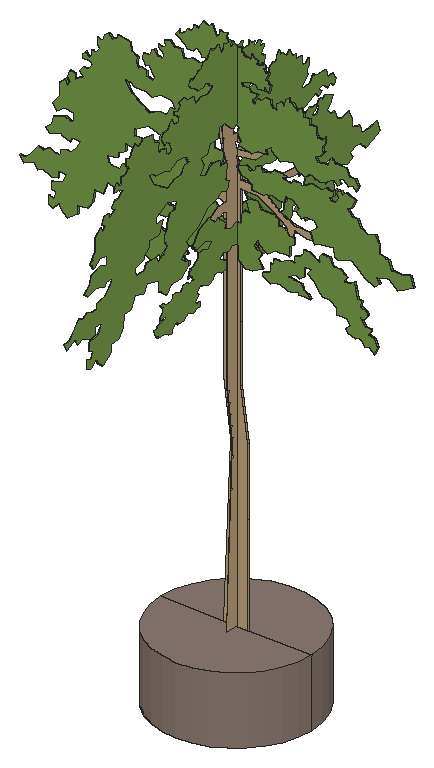
Revit family "L-PL특수목_소나무_2", category 수목, Revit 2019
Family settings
  OmniClass 번호 = 23.40.05.00
  OmniClass 제목 = Plants and Planting Products
  작업 기준면 기반 = 아니오
  항상 수직 = 예
  로드될 때 보이드를 사용하여 절단 = 아니오
  렌더 모양 소스 = 패밀리 형상
  공유 = 아니오
Parameters (values of type "소나무_특수목_2")
  한국산업규격KS = ""
  콘 높이 = 뿌리분 직경 / 4  # 272.5 mm
  조달청표준공사코드-세부공종 = "10161599202809"
  뿌리분 직경 = (24 mm + ((R / 10) - 3 mm) * 5) * 10  # 1090 mm
  뿌리분 높이 = 뿌리분 직경 / 2  # 545 mm
  높이 = 5000 mm
  건설정보분류체계-부위분류 = "E985"
  R = 200 mm
  LIM_INFO_주의사항 = "재배포, 재가공, 판매 금지"
  LIM_INFO_제작일 = "20211210"
  LIM_INFO_버전 = "2022_V01"
  LIM_INFO_PL_학명 = "Quercus myrsinaefolia Bl."
  LIM_INFO_PL_품명 = "가시나무"
  LIM_INFO_PL_주당인정수량 = 0
  LIM_INFO_PL_수목단위 = "주"
  LIM_INFO_PL_규격 = "5.0H X 18R"
  LIM_INFO_PL_구분 = "상록교목"
  LIM_INFO_PL_가격 = 0
  LIM_INFO_PL_Qty [instance] = 0
  LIM_INFO_PL_M2당수량 = 0
  KBIMS_식별-버전 = ""
  KBIMS_식별-bSK등록번호 = ""
  KBIMS_보급정보-저작자 = "림인포테크_MMJ"
  KBIMS_보급정보-보급코드 = ""
  H = 높이  # 5000 mm
Reference planes
  plane 1 "중심(앞/뒤)": y = 0
  plane 2: z = 0
  plane 3 "중심(왼쪽/오른쪽)": x = 0
  plane 4: x = 482.5
  plane 5: x = -607.5
  plane 6: z = -545
  plane 7: z = -817.5
  plane 8: z = 5000
  plane 9: x = -100
  plane 10: x = 100
Forms (mm)
  Revolve 1, solid, material "흙"
    sketch origin (0, 0, 0) x (1, 0, 0) y (0, 0, 1)
      loop
        line (0, 0) -> (-607.5, 0) -> (-607.5, -545) -> (0, -545) -> (0, 0)
      axis (0, 0) -> (0, -545)
    angle from 0 to 360
  Revolve 2, solid, material "흙"
    sketch origin (0, 0, 0) x (1, 0, 0) y (0, 0, 1)
      loop
        line (0, -545) -> (-607.5, -545) -> (0, -817.5) -> (0, -545)
      axis (0, -545) -> (0, -817.5)
    angle from 0 to 360
Dimensions and locks
  "뿌리분 직경": plane 4 to plane 5
  "뿌리분 높이": plane 6 to level
  "콘 높이": plane 7 to plane 6
  "H": level to plane 8
  "R": plane 9 to plane 10
  aligned and locked: level to plane 2
Automatic sketch dimensions
  Revolve 1 sketch curve to level = 0 mm  (x2)
  Revolve 1 sketch curve to plane 5 = 0 mm
  Revolve 1 sketch curve to plane 3 "중심(왼쪽/오른쪽)" = 0 mm  (x2)
  Revolve 1 sketch curve to plane 6 = 0 mm  (x2)
  Revolve 2 sketch curve to plane 5 = 0 mm
  Revolve 2 sketch curve to plane 3 "중심(왼쪽/오른쪽)" = 0 mm  (x2)
  Revolve 2 sketch curve to plane 7 = 0 mm  (x2)
  Revolve 2 sketch curve to plane 6 = 0 mm  (x2)
Nested families
  nested 1: "소나무2_base" at (0, 0, 0), type "소나무2_base"
Definition of nested family "소나무2_base"
  Parameters (values of type "소나무2_base")
    Height = 6000 mm
  Reference planes
    plane 1 "중심(앞/뒤)": y = 0
    plane 2: z = 0
    plane 3 "중심(왼쪽/오른쪽)": x = 0
  Forms (mm)
    Extrusion 1, solid
      sketch origin (1494.374, 0, -287.318) x (1, 0, 0) y (0, 0, 1)
        loop
          line (-1586.869, 3026.538) -> (-1586.869, 2063.157) -> (-1536.565, 1628.95) -> (-1594.374, 287.318) -> (-1394.374, 287.318) -> (-1394.374, 1091.736) -> (-1394.374, 1635.286) -> (-1451.643, 2038.542) -> (-1451.643, 2501.02) -> (-1451.643, 2923.202) -> (-1474.882, 2938.836) -> (-1474.882, 2996.668) -> (-1474.882, 3034.8) -> (-1541.665, 3049.416) -> (-1573.465, 3026.538) -> (-1586.869, 3026.538)
        loop
          line (-1453.269, 3256.498) -> (-1453.269, 3455.447) -> (-1316.479, 3455.447) -> (-1190.433, 3382.454) -> (-1080.858, 3313.755) -> (-1069.515, 3262.75) -> (-1061.77, 3254.339) -> (-1028.647, 3254.339) -> (-1019.267, 3302.305) -> (-919.002, 3282.268) -> (-872.197, 3282.268) -> (-891.688, 3331.553) -> (-1015.686, 3344.527) -> (-1133.138, 3392.473) -> (-1247.215, 3484.058) -> (-1249.703, 3483.242) -> (-1267.502, 3470.245) -> (-1364.028, 3479.822) -> (-1364.028, 3517.444) -> (-1369.191, 3521.468) -> (-1453.271, 3521.468) -> (-1453.271, 3554.056) -> (-1455.076, 3554.382) -> (-1482.459, 3607.053) -> (-1470.891, 3611.859) -> (-1484.044, 3681.331) -> (-1335.99, 3708.101) -> (-1258.823, 3772.139) -> (-1314.9, 3772.139) -> (-1363.81, 3739.187) -> (-1385.829, 3745.068) -> (-1499.547, 3724.079) -> (-1514.88, 3785.633) -> (-1460.937, 3785.633) -> (-1453.853, 3798.462) -> (-1478.218, 3831.276) -> (-1478.218, 3844.871) -> (-1534.231, 3844.871) -> (-1534.231, 3891.904) -> (-1565.082, 3911.721) -> (-1613.811, 3958.295) -> (-1639.979, 3958.295) -> (-1622.626, 3775.264) -> (-1598.299, 3674.834) -> (-1590.506, 3674.834) -> (-1590.506, 3629.229) -> (-1593.622, 3620.031) -> (-1593.622, 3549.778) -> (-1560.787, 3532.718) -> (-1585.2, 3461.659) -> (-1593.622, 3465.717) -> (-1593.622, 3390.6) -> (-1677.87, 3390.6) -> (-1758.304, 3339.112) -> (-1713.255, 3294.981) -> (-1683.279, 3319.769) -> (-1680.437, 3312.007) -> (-1622.662, 3326.948) -> (-1591.519, 3308.56) -> (-1591.519, 3197.16) -> (-1551.5, 3184.664) -> (-1507.716, 3210.589) -> (-1457.446, 3210.589) -> (-1457.446, 3249.478) -> (-1453.269, 3256.498)
      from 0 to 5
    Extrusion 2, solid
      sketch origin (1494.374, 0, -287.318) x (1, 0, 0) y (0, 0, 1)
        loop
          line (-2075.957, 4178.545) -> (-2122.335, 4178.545) -> (-2146.15, 4219.251) -> (-2168.086, 4205.473) -> (-2179.699, 4162.648) -> (-2233.233, 4162.648) -> (-2245.199, 4123.631) -> (-2221.896, 4072.027) -> (-2194.815, 4087.76) -> (-2167.103, 4057.553) -> (-2146.319, 4010.354) -> (-2163.954, 3993.991) -> (-2208.041, 4005.319) -> (-2208.041, 4041.19) -> (-2252.757, 4050.63) -> (-2277.319, 4038.673) -> (-2289.916, 4077.061) -> (-2279.209, 4113.562) -> (-2331.483, 4141.252) -> (-2340.301, 4201.037) -> (-2441.7, 4215.511) -> (-2441.7, 4194.744) -> (-2483.268, 4176.493) -> (-2514.758, 4207.33) -> (-2545.619, 4182.157) -> (-2565.773, 4131.183) -> (-2606.71, 4145.657) -> (-2606.71, 4090.906) -> (-2586.556, 4064.475) -> (-2616.788, 4034.897) -> (-2655.894, 4031.268) -> (-2655.894, 3981.71) -> (-2678.536, 3981.71) -> (-2699.022, 4008.644) -> (-2728.133, 3978.478) -> (-2728.133, 3949.39) -> (-2668.832, 3949.39) -> (-2645.113, 3929.998) -> (-2679.615, 3891.213) -> (-2715.195, 3891.213) -> (-2750.86, 3851.944) -> (-2719.592, 3820.7) -> (-2783.206, 3784.071) -> (-2783.206, 3823.933) -> (-2829.568, 3823.933) -> (-2847.898, 3775.452) -> (-2818.786, 3743.131) -> (-2844.663, 3715.12) -> (-2860.836, 3756.06) -> (-2914.746, 3707.579) -> (-2914.746, 3669.872) -> (-2914.746, 3609.54) -> (-2969.493, 3538.874) -> (-2938.584, 3497.918) -> (-2873.406, 3536.86) -> (-2800.165, 3526.789) -> (-2800.165, 3456.962) -> (-2860.64, 3481.805) -> (-2956.726, 3450.92) -> (-2972.853, 3391.836) -> (-3023.951, 3346.648) -> (-2991.027, 3318.449) -> (-2905.691, 3346.648) -> (-2886.877, 3333.219) -> (-2825.059, 3313.749) -> (-2810.276, 3342.619) -> (-2741.067, 3342.619) -> (-2776.679, 3288.235) -> (-2819.683, 3239.222) -> (-2858.656, 3239.222) -> (-2901.659, 3225.123) -> (-2901.659, 3187.524) -> (-2952.726, 3187.524) -> (-2995.73, 3205.652) -> (-3038.062, 3180.81) -> (-3081.787, 3193.975) -> (-3120.759, 3140.263) -> (-3176.53, 3077.15) -> (-3232.3, 3077.15) -> (-3204.751, 3023.438) -> (-3124.119, 3065.736) -> (-3091.866, 3013.367) -> (-3049.534, 3040.223) -> (-2979.653, 3005.31) -> (-2923.21, 3016.052) -> (-2923.21, 3066.408) -> (-2852.657, 3066.408) -> (-2884.238, 2999.938) -> (-2973.594, 2976.883) -> (-2973.594, 2920.485) -> (-2942.012, 2907.728) -> (-2954.107, 2852.001) -> (-3000.471, 2864.086) -> (-3000.471, 2803.66) -> (-2964.858, 2785.532) -> (-2917.823, 2828.502) -> (-2886.242, 2786.203) -> (-2847.941, 2753.975) -> (-2762.347, 2812.113) -> (-2762.347, 2868.767) -> (-2685.324, 2883.732) -> (-2642.533, 2937.178) -> (-2627.557, 3031.243) -> (-2559.092, 3031.243) -> (-2525.164, 3120.585) -> (-2429.695, 3095.033) -> (-2402.418, 3149.544) -> (-2277.967, 3118.882) -> (-2277.967, 3043.929) -> (-2204.66, 2987.714) -> (-2155.221, 3038.819) -> (-2059.751, 3038.819) -> (-1989.854, 3096.737) -> (-1989.854, 3141.027) -> (-2022.245, 3141.027) -> (-2054.637, 3180.207) -> (-1979.625, 3238.125) -> (-2010.312, 3282.415) -> (-1873.927, 3340.333) -> (-1792.096, 3428.914) -> (-1698.769, 3459.538) -> (-1644.638, 3490.295) -> (-1585.2, 3461.659) -> (-1560.787, 3532.718) -> (-1613.857, 3560.292) -> (-1590.506, 3629.229) -> (-1590.506, 3674.834) -> (-1663.743, 3674.834) -> (-1663.743, 3717.257) -> (-1749.717, 3735.287) -> (-1796.419, 3671.652) -> (-1865.41, 3694.985) -> (-1828.261, 3758.619) -> (-1857.98, 3818.011) -> (-1799.603, 3818.011) -> (-1770.945, 3882.706) -> (-1689.217, 3882.706) -> (-1674.192, 3958.295) -> (-1613.811, 3958.295) -> (-1565.082, 3911.721) -> (-1520.59, 3883.142) -> (-1503.641, 3912.78) -> (-1459.15, 3889.493) -> (-1478.218, 3854.562) -> (-1478.218, 3831.276) -> (-1453.853, 3798.462) -> (-1470.802, 3767.766) -> (-1363.81, 3739.187) -> (-1314.9, 3772.139) -> (-1238.629, 3772.139) -> (-1253.459, 3809.186) -> (-1202.612, 3841.999) -> (-1202.612, 3818.712) -> (-1134.815, 3758.378) -> (-1104.095, 3778.49) -> (-1028.883, 3793.308) -> (-1004.519, 3745.676) -> (-940.959, 3723.448) -> (-895.409, 3755.203) -> (-818.078, 3724.506) -> (-758.756, 3750.969) -> (-706.849, 3779.548) -> (-671.892, 3749.91) -> (-641.171, 3774.256) -> (-665.535, 3794.367) -> (-632.697, 3812.361) -> (-583.968, 3771.08) -> (-555.366, 3791.192) -> (-520.408, 3759.437) -> (-501.34, 3802.835) -> (-525.705, 3847.291) -> (-576.553, 3847.291) -> (-600.883, 3904.386) -> (-685.922, 3904.386) -> (-724.212, 3931.432) -> (-750.619, 3877.34) -> (-833.141, 3868.105) -> (-845.684, 3895.151) -> (-806.073, 3919.558) -> (-776.366, 3955.18) -> (-792.21, 3955.18) -> (-792.21, 3987.503) -> (-771.084, 4017.187) -> (-771.084, 4064.683) -> (-793.53, 4042.254) -> (-831.82, 4042.254) -> (-843.703, 4074.578) -> (-843.703, 4114.157) -> (-897.838, 4114.157) -> (-897.838, 4151.176) -> (-943.402, 4151.176) -> (-943.402, 4174.236) -> (-963.333, 4209.873) -> (-994.802, 4179.477) -> (-1034.664, 4217.211) -> (-1061.937, 4217.211) -> (-1061.937, 4248.655) -> (-1089.211, 4221.403) -> (-1089.211, 4202.536) -> (-1104.945, 4174.236) -> (-1126.974, 4194.151) -> (-1163.688, 4165.851) -> (-1163.688, 4129.165) -> (-1195.158, 4129.165) -> (-1211.942, 4151.176) -> (-1211.942, 4179.477) -> (-1251.803, 4179.477) -> (-1281.174, 4148.032) -> (-1318.938, 4148.032) -> (-1339.917, 4108.202) -> (-1375.583, 4129.165) -> (-1342.015, 4143.839) -> (-1315.045, 4181.79) -> (-1371.579, 4181.79) -> (-1392.517, 4202.712) -> (-1436.488, 4202.712) -> (-1456.38, 4225.726) -> (-1427.066, 4225.726) -> (-1387.283, 4250.833) -> (-1351.687, 4250.833) -> (-1331.796, 4250.833) -> (-1315.045, 4227.818) -> (-1257.464, 4227.818) -> (-1257.464, 4249.786) -> (-1228.15, 4226.772) -> (-1209.305, 4280.123) -> (-1250.135, 4309.414) -> (-1225.616, 4354.556) -> (-1225.616, 4366.257) -> (-1248.385, 4366.257) -> (-1264.648, 4387.707) -> (-1245.133, 4398.758) -> (-1263.347, 4413.058) -> (-1301.078, 4392.908) -> (-1321.895, 4404.608) -> (-1310.836, 4428.009) -> (-1344.013, 4428.009) -> (-1367.432, 4453.36) -> (-1367.432, 4422.809) -> (-1414.271, 4422.809) -> (-1447.448, 4446.859) -> (-1438.991, 4484.561) -> (-1470.217, 4464.41) -> (-1497.539, 4474.16) -> (-1518.356, 4499.511) -> (-1550.232, 4488.461) -> (-1569.097, 4506.011) -> (-1559.99, 4539.163) -> (-1593.167, 4529.412) -> (-1622.441, 4542.413) -> (-1622.441, 4508.611) -> (-1647.811, 4489.111) -> (-1663.424, 4524.862) -> (-1680.785, 4561.316) -> (-1713.231, 4540.021) -> (-1752.272, 4562.708) -> (-1788.334, 4500.65) -> (-1833.413, 4500.65) -> (-1844.067, 4455.969) -> (-1880.417, 4455.969) -> (-1893.579, 4435.303) -> (-1947.477, 4405.87) -> (-1947.477, 4430.293) -> (-1973.8, 4389.587) -> (-1955.625, 4372.053) -> (-1907.367, 4338.862) -> (-1882.924, 4313.813) -> (-1833.413, 4313.813) -> (-1810.224, 4345.124) -> (-1778.26, 4320.075) -> (-1763.846, 4298.783) -> (-1738.15, 4298.783) -> (-1738.15, 4274.986) -> (-1780.141, 4246.805) -> (-1847.201, 4258.077) -> (-1887.938, 4238.038) -> (-1913.634, 4238.038) -> (-1928.049, 4295.025) -> (-1986.334, 4295.025) -> (-2020.178, 4325.085) -> (-2068.436, 4309.429) -> (-2055.902, 4274.36) -> (-2088.491, 4253.694) -> (-2117.948, 4266.845) -> (-2117.948, 4243.674) -> (-2075.957, 4211.736) -> (-2075.957, 4178.545)
        loop
          line (-2333.364, 3839.496) -> (-2259.044, 3792.867) -> (-2188.179, 3746.237) -> (-2108.674, 3780.777) -> (-2049.909, 3780.777) -> (-2017.07, 3841.223) -> (-1979.045, 3841.223) -> (-2010.156, 3903.396) -> (-2101.761, 3906.851) -> (-2169.167, 3865.402) -> (-2221.019, 3891.307) -> (-2309.167, 3891.307) -> (-2343.734, 3918.94) -> (-2376.574, 3918.94) -> (-2333.364, 3839.496)
        loop
          line (-2306.874, 3538.106) -> (-2235.802, 3538.106) -> (-2279.138, 3451.5) -> (-2376.213, 3451.5) -> (-2376.213, 3403.595) -> (-2436.161, 3371.084) -> (-2436.161, 3337.489) -> (-2526.179, 3316.898) -> (-2511.875, 3254.364) -> (-2424.231, 3254.364) -> (-2400.37, 3298.475) -> (-2308.183, 3298.475) -> (-2277.815, 3259.462) -> (-2224.087, 3301.284) -> (-2186.266, 3330.723) -> (-2216.344, 3369.364) -> (-2216.344, 3413.348) -> (-2191.051, 3456.697) -> (-2191.051, 3492.459) -> (-2158.514, 3559.649) -> (-2110.794, 3559.649) -> (-2097.123, 3614.319) -> (-2192.465, 3650.694) -> (-2306.874, 3588.338) -> (-2306.874, 3538.106)
        loop
          line (-1285.339, 3672.923) -> (-1294.924, 3672.923) -> (-1330.521, 3656.506) -> (-1330.521, 3627.777) -> (-1370.227, 3614.78) -> (-1407.879, 3638.037) -> (-1482.459, 3607.053) -> (-1455.076, 3554.382) -> (-1398.257, 3544.122) -> (-1364.028, 3517.444) -> (-1364.028, 3479.822) -> (-1267.502, 3470.245) -> (-1249.703, 3483.242) -> (-1205.891, 3497.607) -> (-1153.178, 3477.77) -> (-1101.151, 3477.77) -> (-1101.151, 3486.662) -> (-1090.198, 3523.6) -> (-1038.854, 3523.6) -> (-981.35, 3477.086) -> (-1000.518, 3445.62) -> (-960.812, 3414.154) -> (-934.646, 3432.799) -> (-859.552, 3432.799) -> (-833.614, 3391.877) -> (-895.045, 3340.043) -> (-861.599, 3255.471) -> (-837.027, 3272.522) -> (-705.975, 3294.347) -> (-696.419, 3228.19) -> (-675.259, 3215.232) -> (-562.636, 3245.923) -> (-530.556, 3220.688) -> (-454.108, 3166.125) -> (-374.248, 3126.568) -> (-330.565, 3161.351) -> (-355.137, 3200.227) -> (-295.071, 3222.052) -> (-252.07, 3222.052) -> (-192.004, 3162.715) -> (-132.621, 3188.632) -> (-57.539, 3228.19) -> (-81.429, 3307.988) -> (-150.367, 3292.301) -> (-235.005, 3292.301) -> (-261.098, 3355.329) -> (-337.545, 3375.789) -> (-337.545, 3442.628) -> (-366.213, 3501.965) -> (-433.787, 3480.822) -> (-484.296, 3510.149) -> (-509.552, 3566.076) -> (-550.505, 3566.076) -> (-590.094, 3613.818) -> (-555.966, 3632.233) -> (-525.099, 3691.663) -> (-598.335, 3724.768) -> (-630.795, 3702.364) -> (-639.695, 3720.149) -> (-662.286, 3720.149) -> (-681.454, 3688.683) -> (-667.078, 3668.846) -> (-678.715, 3625.751) -> (-720.475, 3625.751) -> (-736.22, 3640.116) -> (-704.045, 3667.478) -> (-704.045, 3698.26) -> (-732.797, 3687.999) -> (-758.127, 3704.416) -> (-801.344, 3673.607) -> (-878.017, 3690.708) -> (-907.453, 3677.712) -> (-965.642, 3646.246) -> (-982.072, 3661.979) -> (-1033.415, 3661.979) -> (-1033.415, 3636.669) -> (-1076.544, 3636.669) -> (-1112.826, 3652.402) -> (-1086.128, 3669.503) -> (-1116.933, 3681.132) -> (-1142.263, 3681.132) -> (-1182.653, 3681.132) -> (-1208.667, 3657.874) -> (-1274.386, 3640.773) -> (-1285.339, 3672.923)
        loop
          line (-1055.284, 3174.942) -> (-1019.608, 3205.728) -> (-1019.608, 3254.339) -> (-1061.77, 3254.339) -> (-1099.068, 3294.848) -> (-1150.959, 3294.848) -> (-1150.959, 3327.254) -> (-1180.149, 3359.662) -> (-1214.203, 3359.662) -> (-1283.933, 3359.662) -> (-1327.716, 3408.272) -> (-1386.094, 3408.272) -> (-1407.175, 3379.106) -> (-1377.986, 3309.431) -> (-1421.77, 3309.431) -> (-1457.446, 3249.478) -> (-1457.446, 3210.589) -> (-1507.716, 3210.589) -> (-1551.5, 3184.664) -> (-1629.338, 3208.969) -> (-1608.256, 3242.996) -> (-1655.283, 3286.746) -> (-1667.774, 3277.422) -> (-1683.279, 3319.769) -> (-1713.255, 3294.981) -> (-1765.972, 3346.623) -> (-1870.372, 3307.375) -> (-1930.324, 3216.484) -> (-1908.617, 3173.104) -> (-1808.352, 3204.09) -> (-1743.823, 3165.456) -> (-1784.326, 3126.269) -> (-1828.045, 3146.184) -> (-1881.407, 3137.19) -> (-1881.407, 3103.142) -> (-1898.123, 3090.294) -> (-1928.34, 3068.451) -> (-1962.415, 3068.451) -> (-1981.945, 3000.687) -> (-1954.412, 3010.795) -> (-1930.824, 2975.953) -> (-1964.668, 2958.532) -> (-1988.256, 2978.002) -> (-2034.407, 2978.002) -> (-2034.407, 2958.532) -> (-2063.124, 2939.061) -> (-2102.096, 2956.482) -> (-2136.965, 2956.482) -> (-2136.965, 2935.987) -> (-2157.477, 2913.442) -> (-2199.526, 2913.442) -> (-2229.268, 2930.863) -> (-2266.189, 2930.863) -> (-2238.498, 2903.194) -> (-2238.498, 2874.5) -> (-2261.061, 2844.781) -> (-2261.061, 2820.187) -> (-2206.705, 2838.633) -> (-2206.705, 2810.964) -> (-2241.575, 2810.964) -> (-2292.854, 2791.493) -> (-2292.854, 2778.171) -> (-2326.698, 2778.171) -> (-2307.212, 2728.982) -> (-2276.445, 2706.437) -> (-2211.833, 2706.437) -> (-2179.015, 2683.891) -> (-2149.272, 2683.891) -> (-2149.272, 2705.412) -> (-2112.435, 2750.108) -> (-2086.896, 2720.506) -> (-2029.689, 2720.506) -> (-2004.149, 2736.838) -> (-1978.61, 2755.212) -> (-1931.618, 2739.901) -> (-1898.928, 2754.191) -> (-1869.303, 2754.191) -> (-1869.303, 2785.835) -> (-1893.82, 2785.835) -> (-1918.338, 2808.292) -> (-1875.575, 2840.33) -> (-1895.291, 2865.751) -> (-1859.674, 2903.882) -> (-1838.685, 2887.359) -> (-1772.54, 2870.835) -> (-1736.923, 2889.901) -> (-1728.018, 2921.677) -> (-1680.953, 2921.677) -> (-1644.063, 2900.069) -> (-1610.355, 2914.05) -> (-1610.355, 2974.425) -> (-1668.232, 3008.743) -> (-1634.523, 3043.061) -> (-1596.362, 3026.538) -> (-1573.465, 3026.538) -> (-1541.665, 3049.416) -> (-1474.882, 3034.8) -> (-1474.882, 2996.668) -> (-1474.882, 2938.836) -> (-1410.644, 2895.62) -> (-1355.311, 2895.62) -> (-1273.9, 2938.2) -> (-1293.617, 2974.425) -> (-1310.153, 3000.481) -> (-1284.712, 3031.622) -> (-1284.712, 3049.416) -> (-1329.234, 3075.473) -> (-1340.046, 3093.267) -> (-1314.606, 3127.586) -> (-1290.437, 3102.165) -> (-1267.54, 3079.286) -> (-1233.831, 3060.22) -> (-1170.419, 3106.887) -> (-1136.365, 3106.887) -> (-1079.608, 3106.887) -> (-1055.284, 3106.887) -> (-1055.284, 3174.942)
        loop
          line (-958.773, 2941.697) -> (-994.132, 2941.697) -> (-1068.164, 2958.259) -> (-1014.021, 2988.069) -> (-980.872, 2971.508) -> (-938.883, 3000.214) -> (-938.883, 3035.545) -> (-938.883, 3068.752) -> (-878.739, 3068.752) -> (-916.65, 3026.738) -> (-867.021, 2997.121) -> (-823.596, 2939.955) -> (-796.024, 2903.451) -> (-734.677, 2903.451) -> (-680.912, 2867.636) -> (-680.912, 2818.045) -> (-629.215, 2818.045) -> (-596.818, 2818.045) -> (-565.111, 2776.031) -> (-606.468, 2745.038) -> (-594.75, 2716.799) -> (-530.646, 2695.447) -> (-503.074, 2711.289) -> (-481.706, 2700.957) -> (-458.27, 2663.765) -> (-422.427, 2674.096) -> (-374.866, 2632.771) -> (-349.362, 2694.07) -> (-372.798, 2751.925) -> (-420.387, 2765.82) -> (-401.776, 2793.37) -> (-401.776, 2809.211) -> (-445.201, 2809.211) -> (-484.491, 2862.245) -> (-454.162, 2862.245) -> (-425.212, 2901.504) -> (-436.93, 2924.922) -> (-486.559, 2944.896) -> (-477.598, 2988.287) -> (-511.373, 2988.287) -> (-525.159, 3061.984) -> (-535.498, 3106.753) -> (-578.924, 3078.831) -> (-617.929, 3078.831) -> (-594.361, 3110.673) -> (-653.796, 3154.664) -> (-706.626, 3154.664) -> (-733.041, 3215.152) -> (-760.729, 3208.982) -> (-789.709, 3218.922) -> (-814.022, 3185.703) -> (-814.022, 3153.684) -> (-841.647, 3153.684) -> (-872.586, 3172.454) -> (-904.63, 3190.119) -> (-949.933, 3190.119) -> (-949.933, 3164.725) -> (-965.403, 3144.851) -> (-1016.231, 3120.561) -> (-1016.231, 3094.063) -> (-1016.231, 3076.397) -> (-1053.8, 3076.397) -> (-1097.998, 3060.94) -> (-1121.202, 3041.066) -> (-1167.611, 3041.066) -> (-1191.92, 3041.066) -> (-1191.92, 3000.214) -> (-1214.019, 3000.214) -> (-1214.019, 2983.653) -> (-1214.019, 2941.697) -> (-1275.897, 2914.095) -> (-1275.897, 2885.388) -> (-1209.599, 2854.474) -> (-1176.45, 2872.139) -> (-1135.567, 2872.139) -> (-1072.584, 2855.578) -> (-1048.275, 2855.578) -> (-983.082, 2873.243) -> (-983.082, 2854.474) -> (-938.883, 2854.474) -> (-886.95, 2854.474) -> (-910.154, 2887.596) -> (-941.093, 2887.596) -> (-958.773, 2941.697)
      from 0 to 5
    Extrusion 3, solid
      sketch origin (0, 1494.374, -287.318) x (0, 1, 0) y (0, 0, 1)
        loop
          line (-1586.869, 3026.538) -> (-1586.869, 2063.157) -> (-1536.565, 1628.95) -> (-1594.374, 287.318) -> (-1394.374, 287.318) -> (-1394.374, 1091.736) -> (-1394.374, 1635.286) -> (-1451.643, 2038.542) -> (-1451.643, 2501.02) -> (-1451.643, 2923.202) -> (-1474.882, 2938.836) -> (-1474.882, 2996.668) -> (-1474.882, 3034.8) -> (-1541.665, 3049.416) -> (-1573.465, 3026.538) -> (-1586.869, 3026.538)
        loop
          line (-1453.269, 3256.498) -> (-1453.269, 3455.447) -> (-1316.479, 3455.447) -> (-1190.433, 3382.454) -> (-1080.858, 3313.755) -> (-1069.515, 3262.75) -> (-1061.77, 3254.339) -> (-1028.647, 3254.339) -> (-1019.267, 3302.305) -> (-919.002, 3282.268) -> (-872.197, 3282.268) -> (-891.688, 3331.553) -> (-1015.686, 3344.527) -> (-1133.138, 3392.473) -> (-1247.215, 3484.058) -> (-1249.703, 3483.242) -> (-1267.502, 3470.245) -> (-1364.028, 3479.822) -> (-1364.028, 3517.444) -> (-1369.191, 3521.468) -> (-1453.271, 3521.468) -> (-1453.271, 3554.056) -> (-1455.076, 3554.382) -> (-1482.459, 3607.053) -> (-1470.891, 3611.859) -> (-1484.044, 3681.331) -> (-1335.99, 3708.101) -> (-1258.823, 3772.139) -> (-1314.9, 3772.139) -> (-1363.81, 3739.187) -> (-1385.829, 3745.068) -> (-1499.547, 3724.079) -> (-1514.88, 3785.633) -> (-1460.937, 3785.633) -> (-1453.853, 3798.462) -> (-1478.218, 3831.276) -> (-1478.218, 3844.871) -> (-1534.231, 3844.871) -> (-1534.231, 3891.904) -> (-1565.082, 3911.721) -> (-1613.811, 3958.295) -> (-1639.979, 3958.295) -> (-1622.626, 3775.264) -> (-1598.299, 3674.834) -> (-1590.506, 3674.834) -> (-1590.506, 3629.229) -> (-1593.622, 3620.031) -> (-1593.622, 3549.778) -> (-1560.787, 3532.718) -> (-1585.2, 3461.659) -> (-1593.622, 3465.717) -> (-1593.622, 3390.6) -> (-1677.87, 3390.6) -> (-1758.304, 3339.112) -> (-1713.255, 3294.981) -> (-1683.279, 3319.769) -> (-1680.437, 3312.007) -> (-1622.662, 3326.948) -> (-1591.519, 3308.56) -> (-1591.519, 3197.16) -> (-1551.5, 3184.664) -> (-1507.716, 3210.589) -> (-1457.446, 3210.589) -> (-1457.446, 3249.478) -> (-1453.269, 3256.498)
      from 0 to 5
    Extrusion 4, solid
      sketch origin (0, 1494.374, -287.318) x (0, 1, 0) y (0, 0, 1)
        loop
          line (-2075.957, 4178.545) -> (-2122.335, 4178.545) -> (-2146.15, 4219.251) -> (-2168.086, 4205.473) -> (-2179.699, 4162.648) -> (-2233.233, 4162.648) -> (-2245.199, 4123.631) -> (-2221.896, 4072.027) -> (-2194.815, 4087.76) -> (-2167.103, 4057.553) -> (-2146.319, 4010.354) -> (-2163.954, 3993.991) -> (-2208.041, 4005.319) -> (-2208.041, 4041.19) -> (-2252.757, 4050.63) -> (-2277.319, 4038.673) -> (-2289.916, 4077.061) -> (-2279.209, 4113.562) -> (-2331.483, 4141.252) -> (-2340.301, 4201.037) -> (-2441.7, 4215.511) -> (-2441.7, 4194.744) -> (-2483.268, 4176.493) -> (-2514.758, 4207.33) -> (-2545.619, 4182.157) -> (-2565.773, 4131.183) -> (-2606.71, 4145.657) -> (-2606.71, 4090.906) -> (-2586.556, 4064.475) -> (-2616.788, 4034.897) -> (-2655.894, 4031.268) -> (-2655.894, 3981.71) -> (-2678.536, 3981.71) -> (-2699.022, 4008.644) -> (-2728.133, 3978.478) -> (-2728.133, 3949.39) -> (-2668.832, 3949.39) -> (-2645.113, 3929.998) -> (-2679.615, 3891.213) -> (-2715.195, 3891.213) -> (-2750.86, 3851.944) -> (-2719.592, 3820.7) -> (-2783.206, 3784.071) -> (-2783.206, 3823.933) -> (-2829.568, 3823.933) -> (-2847.898, 3775.452) -> (-2818.786, 3743.131) -> (-2844.663, 3715.12) -> (-2860.836, 3756.06) -> (-2914.746, 3707.579) -> (-2914.746, 3669.872) -> (-2914.746, 3609.54) -> (-2969.493, 3538.874) -> (-2938.584, 3497.918) -> (-2873.406, 3536.86) -> (-2800.165, 3526.789) -> (-2800.165, 3456.962) -> (-2860.64, 3481.805) -> (-2956.726, 3450.92) -> (-2972.853, 3391.836) -> (-3023.951, 3346.648) -> (-2991.027, 3318.449) -> (-2905.691, 3346.648) -> (-2886.877, 3333.219) -> (-2825.059, 3313.749) -> (-2810.276, 3342.619) -> (-2741.067, 3342.619) -> (-2776.679, 3288.235) -> (-2819.683, 3239.222) -> (-2858.656, 3239.222) -> (-2901.659, 3225.123) -> (-2901.659, 3187.524) -> (-2952.726, 3187.524) -> (-2995.73, 3205.652) -> (-3038.062, 3180.81) -> (-3081.787, 3193.975) -> (-3120.759, 3140.263) -> (-3176.53, 3077.15) -> (-3232.3, 3077.15) -> (-3204.751, 3023.438) -> (-3124.119, 3065.736) -> (-3091.866, 3013.367) -> (-3049.534, 3040.223) -> (-2979.653, 3005.31) -> (-2923.21, 3016.052) -> (-2923.21, 3066.408) -> (-2852.657, 3066.408) -> (-2884.238, 2999.938) -> (-2973.594, 2976.883) -> (-2973.594, 2920.485) -> (-2942.012, 2907.728) -> (-2954.107, 2852.001) -> (-3000.471, 2864.086) -> (-3000.471, 2803.66) -> (-2964.858, 2785.532) -> (-2917.823, 2828.502) -> (-2886.242, 2786.203) -> (-2847.941, 2753.975) -> (-2762.347, 2812.113) -> (-2762.347, 2868.767) -> (-2685.324, 2883.732) -> (-2642.533, 2937.178) -> (-2627.557, 3031.243) -> (-2559.092, 3031.243) -> (-2525.164, 3120.585) -> (-2429.695, 3095.033) -> (-2402.418, 3149.544) -> (-2277.967, 3118.882) -> (-2277.967, 3043.929) -> (-2204.66, 2987.714) -> (-2155.221, 3038.819) -> (-2059.751, 3038.819) -> (-1989.854, 3096.737) -> (-1989.854, 3141.027) -> (-2022.245, 3141.027) -> (-2054.637, 3180.207) -> (-1979.625, 3238.125) -> (-2010.312, 3282.415) -> (-1873.927, 3340.333) -> (-1792.096, 3428.914) -> (-1698.769, 3459.538) -> (-1644.638, 3490.295) -> (-1585.2, 3461.659) -> (-1560.787, 3532.718) -> (-1613.857, 3560.292) -> (-1590.506, 3629.229) -> (-1590.506, 3674.834) -> (-1663.743, 3674.834) -> (-1663.743, 3717.257) -> (-1749.717, 3735.287) -> (-1796.419, 3671.652) -> (-1865.41, 3694.985) -> (-1828.261, 3758.619) -> (-1857.98, 3818.011) -> (-1799.603, 3818.011) -> (-1770.945, 3882.706) -> (-1689.217, 3882.706) -> (-1674.192, 3958.295) -> (-1613.811, 3958.295) -> (-1565.082, 3911.721) -> (-1520.59, 3883.142) -> (-1503.641, 3912.78) -> (-1459.15, 3889.493) -> (-1478.218, 3854.562) -> (-1478.218, 3831.276) -> (-1453.853, 3798.462) -> (-1470.802, 3767.766) -> (-1363.81, 3739.187) -> (-1314.9, 3772.139) -> (-1238.629, 3772.139) -> (-1253.459, 3809.186) -> (-1202.612, 3841.999) -> (-1202.612, 3818.712) -> (-1134.815, 3758.378) -> (-1104.095, 3778.49) -> (-1028.883, 3793.308) -> (-1004.519, 3745.676) -> (-940.959, 3723.448) -> (-895.409, 3755.203) -> (-818.078, 3724.506) -> (-758.756, 3750.969) -> (-706.849, 3779.548) -> (-671.892, 3749.91) -> (-641.171, 3774.256) -> (-665.535, 3794.367) -> (-632.697, 3812.361) -> (-583.968, 3771.08) -> (-555.366, 3791.192) -> (-520.408, 3759.437) -> (-501.34, 3802.835) -> (-525.705, 3847.291) -> (-576.553, 3847.291) -> (-600.883, 3904.386) -> (-685.922, 3904.386) -> (-724.212, 3931.432) -> (-750.619, 3877.34) -> (-833.141, 3868.105) -> (-845.684, 3895.151) -> (-806.073, 3919.558) -> (-776.366, 3955.18) -> (-792.21, 3955.18) -> (-792.21, 3987.503) -> (-771.084, 4017.187) -> (-771.084, 4064.683) -> (-793.53, 4042.254) -> (-831.82, 4042.254) -> (-843.703, 4074.578) -> (-843.703, 4114.157) -> (-897.838, 4114.157) -> (-897.838, 4151.176) -> (-943.402, 4151.176) -> (-943.402, 4174.236) -> (-963.333, 4209.873) -> (-994.802, 4179.477) -> (-1034.664, 4217.211) -> (-1061.937, 4217.211) -> (-1061.937, 4248.655) -> (-1089.211, 4221.403) -> (-1089.211, 4202.536) -> (-1104.945, 4174.236) -> (-1126.974, 4194.151) -> (-1163.688, 4165.851) -> (-1163.688, 4129.165) -> (-1195.158, 4129.165) -> (-1211.942, 4151.176) -> (-1211.942, 4179.477) -> (-1251.803, 4179.477) -> (-1281.174, 4148.032) -> (-1318.938, 4148.032) -> (-1339.917, 4108.202) -> (-1375.583, 4129.165) -> (-1342.015, 4143.839) -> (-1315.045, 4181.79) -> (-1371.579, 4181.79) -> (-1392.517, 4202.712) -> (-1436.488, 4202.712) -> (-1456.38, 4225.726) -> (-1427.066, 4225.726) -> (-1387.283, 4250.833) -> (-1351.687, 4250.833) -> (-1331.796, 4250.833) -> (-1315.045, 4227.818) -> (-1257.464, 4227.818) -> (-1257.464, 4249.786) -> (-1228.15, 4226.772) -> (-1209.305, 4280.123) -> (-1250.135, 4309.414) -> (-1225.616, 4354.556) -> (-1225.616, 4366.257) -> (-1248.385, 4366.257) -> (-1264.648, 4387.707) -> (-1245.133, 4398.758) -> (-1263.347, 4413.058) -> (-1301.078, 4392.908) -> (-1321.895, 4404.608) -> (-1310.836, 4428.009) -> (-1344.013, 4428.009) -> (-1367.432, 4453.36) -> (-1367.432, 4422.809) -> (-1414.271, 4422.809) -> (-1447.448, 4446.859) -> (-1438.991, 4484.561) -> (-1470.217, 4464.41) -> (-1497.539, 4474.16) -> (-1518.356, 4499.511) -> (-1550.232, 4488.461) -> (-1569.097, 4506.011) -> (-1559.99, 4539.163) -> (-1593.167, 4529.412) -> (-1622.441, 4542.413) -> (-1622.441, 4508.611) -> (-1647.811, 4489.111) -> (-1663.424, 4524.862) -> (-1680.785, 4561.316) -> (-1713.231, 4540.021) -> (-1752.272, 4562.708) -> (-1788.334, 4500.65) -> (-1833.413, 4500.65) -> (-1844.067, 4455.969) -> (-1880.417, 4455.969) -> (-1893.579, 4435.303) -> (-1947.477, 4405.87) -> (-1947.477, 4430.293) -> (-1973.8, 4389.587) -> (-1955.625, 4372.053) -> (-1907.367, 4338.862) -> (-1882.924, 4313.813) -> (-1833.413, 4313.813) -> (-1810.224, 4345.124) -> (-1778.26, 4320.075) -> (-1763.846, 4298.783) -> (-1738.15, 4298.783) -> (-1738.15, 4274.986) -> (-1780.141, 4246.805) -> (-1847.201, 4258.077) -> (-1887.938, 4238.038) -> (-1913.634, 4238.038) -> (-1928.049, 4295.025) -> (-1986.334, 4295.025) -> (-2020.178, 4325.085) -> (-2068.436, 4309.429) -> (-2055.902, 4274.36) -> (-2088.491, 4253.694) -> (-2117.948, 4266.845) -> (-2117.948, 4243.674) -> (-2075.957, 4211.736) -> (-2075.957, 4178.545)
        loop
          line (-2333.364, 3839.496) -> (-2259.044, 3792.867) -> (-2188.179, 3746.237) -> (-2108.674, 3780.777) -> (-2049.909, 3780.777) -> (-2017.07, 3841.223) -> (-1979.045, 3841.223) -> (-2010.156, 3903.396) -> (-2101.761, 3906.851) -> (-2169.167, 3865.402) -> (-2221.019, 3891.307) -> (-2309.167, 3891.307) -> (-2343.734, 3918.94) -> (-2376.574, 3918.94) -> (-2333.364, 3839.496)
        loop
          line (-2306.874, 3538.106) -> (-2235.802, 3538.106) -> (-2279.138, 3451.5) -> (-2376.213, 3451.5) -> (-2376.213, 3403.595) -> (-2436.161, 3371.084) -> (-2436.161, 3337.489) -> (-2526.179, 3316.898) -> (-2511.875, 3254.364) -> (-2424.231, 3254.364) -> (-2400.37, 3298.475) -> (-2308.183, 3298.475) -> (-2277.815, 3259.462) -> (-2224.087, 3301.284) -> (-2186.266, 3330.723) -> (-2216.344, 3369.364) -> (-2216.344, 3413.348) -> (-2191.051, 3456.697) -> (-2191.051, 3492.459) -> (-2158.514, 3559.649) -> (-2110.794, 3559.649) -> (-2097.123, 3614.319) -> (-2192.465, 3650.694) -> (-2306.874, 3588.338) -> (-2306.874, 3538.106)
        loop
          line (-1285.339, 3672.923) -> (-1294.924, 3672.923) -> (-1330.521, 3656.506) -> (-1330.521, 3627.777) -> (-1370.227, 3614.78) -> (-1407.879, 3638.037) -> (-1482.459, 3607.053) -> (-1455.076, 3554.382) -> (-1398.257, 3544.122) -> (-1364.028, 3517.444) -> (-1364.028, 3479.822) -> (-1267.502, 3470.245) -> (-1249.703, 3483.242) -> (-1205.891, 3497.607) -> (-1153.178, 3477.77) -> (-1101.151, 3477.77) -> (-1101.151, 3486.662) -> (-1090.198, 3523.6) -> (-1038.854, 3523.6) -> (-981.35, 3477.086) -> (-1000.518, 3445.62) -> (-960.812, 3414.154) -> (-934.646, 3432.799) -> (-859.552, 3432.799) -> (-833.614, 3391.877) -> (-895.045, 3340.043) -> (-861.599, 3255.471) -> (-837.027, 3272.522) -> (-705.975, 3294.347) -> (-696.419, 3228.19) -> (-675.259, 3215.232) -> (-562.636, 3245.923) -> (-530.556, 3220.688) -> (-454.108, 3166.125) -> (-374.248, 3126.568) -> (-330.565, 3161.351) -> (-355.137, 3200.227) -> (-295.071, 3222.052) -> (-252.07, 3222.052) -> (-192.004, 3162.715) -> (-132.621, 3188.632) -> (-57.539, 3228.19) -> (-81.429, 3307.988) -> (-150.367, 3292.301) -> (-235.005, 3292.301) -> (-261.098, 3355.329) -> (-337.545, 3375.789) -> (-337.545, 3442.628) -> (-366.213, 3501.965) -> (-433.787, 3480.822) -> (-484.296, 3510.149) -> (-509.552, 3566.076) -> (-550.505, 3566.076) -> (-590.094, 3613.818) -> (-555.966, 3632.233) -> (-525.099, 3691.663) -> (-598.335, 3724.768) -> (-630.795, 3702.364) -> (-639.695, 3720.149) -> (-662.286, 3720.149) -> (-681.454, 3688.683) -> (-667.078, 3668.846) -> (-678.715, 3625.751) -> (-720.475, 3625.751) -> (-736.22, 3640.116) -> (-704.045, 3667.478) -> (-704.045, 3698.26) -> (-732.797, 3687.999) -> (-758.127, 3704.416) -> (-801.344, 3673.607) -> (-878.017, 3690.708) -> (-907.453, 3677.712) -> (-965.642, 3646.246) -> (-982.072, 3661.979) -> (-1033.415, 3661.979) -> (-1033.415, 3636.669) -> (-1076.544, 3636.669) -> (-1112.826, 3652.402) -> (-1086.128, 3669.503) -> (-1116.933, 3681.132) -> (-1142.263, 3681.132) -> (-1182.653, 3681.132) -> (-1208.667, 3657.874) -> (-1274.386, 3640.773) -> (-1285.339, 3672.923)
        loop
          line (-1055.284, 3174.942) -> (-1019.608, 3205.728) -> (-1019.608, 3254.339) -> (-1061.77, 3254.339) -> (-1099.068, 3294.848) -> (-1150.959, 3294.848) -> (-1150.959, 3327.254) -> (-1180.149, 3359.662) -> (-1214.203, 3359.662) -> (-1283.933, 3359.662) -> (-1327.716, 3408.272) -> (-1386.094, 3408.272) -> (-1407.175, 3379.106) -> (-1377.986, 3309.431) -> (-1421.77, 3309.431) -> (-1457.446, 3249.478) -> (-1457.446, 3210.589) -> (-1507.716, 3210.589) -> (-1551.5, 3184.664) -> (-1629.338, 3208.969) -> (-1608.256, 3242.996) -> (-1655.283, 3286.746) -> (-1667.774, 3277.422) -> (-1683.279, 3319.769) -> (-1713.255, 3294.981) -> (-1765.972, 3346.623) -> (-1870.372, 3307.375) -> (-1930.324, 3216.484) -> (-1908.617, 3173.104) -> (-1808.352, 3204.09) -> (-1743.823, 3165.456) -> (-1784.326, 3126.269) -> (-1828.045, 3146.184) -> (-1881.407, 3137.19) -> (-1881.407, 3103.142) -> (-1898.123, 3090.294) -> (-1928.34, 3068.451) -> (-1962.415, 3068.451) -> (-1981.945, 3000.687) -> (-1954.412, 3010.795) -> (-1930.824, 2975.953) -> (-1964.668, 2958.532) -> (-1988.256, 2978.002) -> (-2034.407, 2978.002) -> (-2034.407, 2958.532) -> (-2063.124, 2939.061) -> (-2102.096, 2956.482) -> (-2136.965, 2956.482) -> (-2136.965, 2935.987) -> (-2157.477, 2913.442) -> (-2199.526, 2913.442) -> (-2229.268, 2930.863) -> (-2266.189, 2930.863) -> (-2238.498, 2903.194) -> (-2238.498, 2874.5) -> (-2261.061, 2844.781) -> (-2261.061, 2820.187) -> (-2206.705, 2838.633) -> (-2206.705, 2810.964) -> (-2241.575, 2810.964) -> (-2292.854, 2791.493) -> (-2292.854, 2778.171) -> (-2326.698, 2778.171) -> (-2307.212, 2728.982) -> (-2276.445, 2706.437) -> (-2211.833, 2706.437) -> (-2179.015, 2683.891) -> (-2149.272, 2683.891) -> (-2149.272, 2705.412) -> (-2112.435, 2750.108) -> (-2086.896, 2720.506) -> (-2029.689, 2720.506) -> (-2004.149, 2736.838) -> (-1978.61, 2755.212) -> (-1931.618, 2739.901) -> (-1898.928, 2754.191) -> (-1869.303, 2754.191) -> (-1869.303, 2785.835) -> (-1893.82, 2785.835) -> (-1918.338, 2808.292) -> (-1875.575, 2840.33) -> (-1895.291, 2865.751) -> (-1859.674, 2903.882) -> (-1838.685, 2887.359) -> (-1772.54, 2870.835) -> (-1736.923, 2889.901) -> (-1728.018, 2921.677) -> (-1680.953, 2921.677) -> (-1644.063, 2900.069) -> (-1610.355, 2914.05) -> (-1610.355, 2974.425) -> (-1668.232, 3008.743) -> (-1634.523, 3043.061) -> (-1596.362, 3026.538) -> (-1573.465, 3026.538) -> (-1541.665, 3049.416) -> (-1474.882, 3034.8) -> (-1474.882, 2996.668) -> (-1474.882, 2938.836) -> (-1410.644, 2895.62) -> (-1355.311, 2895.62) -> (-1273.9, 2938.2) -> (-1293.617, 2974.425) -> (-1310.153, 3000.481) -> (-1284.712, 3031.622) -> (-1284.712, 3049.416) -> (-1329.234, 3075.473) -> (-1340.046, 3093.267) -> (-1314.606, 3127.586) -> (-1290.437, 3102.165) -> (-1267.54, 3079.286) -> (-1233.831, 3060.22) -> (-1170.419, 3106.887) -> (-1136.365, 3106.887) -> (-1079.608, 3106.887) -> (-1055.284, 3106.887) -> (-1055.284, 3174.942)
        loop
          line (-958.773, 2941.697) -> (-994.132, 2941.697) -> (-1068.164, 2958.259) -> (-1014.021, 2988.069) -> (-980.872, 2971.508) -> (-938.883, 3000.214) -> (-938.883, 3035.545) -> (-938.883, 3068.752) -> (-878.739, 3068.752) -> (-916.65, 3026.738) -> (-867.021, 2997.121) -> (-823.596, 2939.955) -> (-796.024, 2903.451) -> (-734.677, 2903.451) -> (-680.912, 2867.636) -> (-680.912, 2818.045) -> (-629.215, 2818.045) -> (-596.818, 2818.045) -> (-565.111, 2776.031) -> (-606.468, 2745.038) -> (-594.75, 2716.799) -> (-530.646, 2695.447) -> (-503.074, 2711.289) -> (-481.706, 2700.957) -> (-458.27, 2663.765) -> (-422.427, 2674.096) -> (-374.866, 2632.771) -> (-349.362, 2694.07) -> (-372.798, 2751.925) -> (-420.387, 2765.82) -> (-401.776, 2793.37) -> (-401.776, 2809.211) -> (-445.201, 2809.211) -> (-484.491, 2862.245) -> (-454.162, 2862.245) -> (-425.212, 2901.504) -> (-436.93, 2924.922) -> (-486.559, 2944.896) -> (-477.598, 2988.287) -> (-511.373, 2988.287) -> (-525.159, 3061.984) -> (-535.498, 3106.753) -> (-578.924, 3078.831) -> (-617.929, 3078.831) -> (-594.361, 3110.673) -> (-653.796, 3154.664) -> (-706.626, 3154.664) -> (-733.041, 3215.152) -> (-760.729, 3208.982) -> (-789.709, 3218.922) -> (-814.022, 3185.703) -> (-814.022, 3153.684) -> (-841.647, 3153.684) -> (-872.586, 3172.454) -> (-904.63, 3190.119) -> (-949.933, 3190.119) -> (-949.933, 3164.725) -> (-965.403, 3144.851) -> (-1016.231, 3120.561) -> (-1016.231, 3094.063) -> (-1016.231, 3076.397) -> (-1053.8, 3076.397) -> (-1097.998, 3060.94) -> (-1121.202, 3041.066) -> (-1167.611, 3041.066) -> (-1191.92, 3041.066) -> (-1191.92, 3000.214) -> (-1214.019, 3000.214) -> (-1214.019, 2983.653) -> (-1214.019, 2941.697) -> (-1275.897, 2914.095) -> (-1275.897, 2885.388) -> (-1209.599, 2854.474) -> (-1176.45, 2872.139) -> (-1135.567, 2872.139) -> (-1072.584, 2855.578) -> (-1048.275, 2855.578) -> (-983.082, 2873.243) -> (-983.082, 2854.474) -> (-938.883, 2854.474) -> (-886.95, 2854.474) -> (-910.154, 2887.596) -> (-941.093, 2887.596) -> (-958.773, 2941.697)
      from 0 to 5
  Lines and regions (mm)
    symbolic lines
      curve 1: arc (646.101, -1366.729, 0) -> (387.083, -1322.686, 0) -> (192.84, -1499.604, 0) r 299.792
      curve 2: arc (279.296, 1481.351, 0) -> (462.959, 1293.473, 0) -> (724.094, 1322.429, 0) r 299.792
      curve 3: arc (-724.094, -1326.989, 0) -> (-840.709, -1091.552, 0) -> (-1098.012, -1038.396, 0) r 299.792
      curve 4: arc (-1098.012, -1038.396, 0) -> (-1136.166, -778.446, 0) -> (-1364.449, -648.381, 0) r 299.792
      curve 5: arc (192.84, -1499.604, 0) -> (-39.89, -1377.676, 0) -> (-279.296, -1485.911, 0) r 299.792
      curve 6: arc (-279.296, -1485.911, 0) -> (-462.959, -1298.033, 0) -> (-724.094, -1326.989, 0) r 299.792
      curve 7: arc (-1497.324, -195.121, 0) -> (-1375.396, 37.61, 0) -> (-1483.631, 277.016, 0) r 299.792
      curve 8: arc (-1483.631, 277.016, 0) -> (-1295.753, 460.679, 0) -> (-1324.709, 721.814, 0) r 299.792
      curve 9: arc (-1324.709, 721.814, 0) -> (-1089.272, 838.429, 0) -> (-1036.116, 1095.732, 0) r 299.792
      curve 10: arc (-1036.116, 1095.732, 0) -> (-776.166, 1133.886, 0) -> (-646.101, 1362.169, 0) r 299.792
      curve 11: arc (-646.101, 1362.169, 0) -> (-387.083, 1318.126, 0) -> (-192.84, 1495.044, 0) r 299.792
      curve 12: arc (-192.84, 1495.044, 0) -> (39.89, 1373.116, 0) -> (279.296, 1481.351, 0) r 299.792
      curve 13: arc (-1364.449, -648.381, 0) -> (-1320.406, -389.363, 0) -> (-1497.324, -195.121, 0) r 299.792
      curve 14: line (1036.116, -1100.292, 0) -> (0, -2.28, 0)
      curve 15: line (0, -2.28, 0) -> (646.101, -1366.729, 0)
      curve 16: line (1483.631, -281.576, 0) -> (0, -2.28, 0)
      curve 17: line (0, -2.28, 0) -> (1497.324, 190.56, 0)
      curve 18: line (1364.449, 643.821, 0) -> (0, -2.28, 0)
      curve 19: line (0, -2.28, 0) -> (1324.709, -726.374, 0)
      curve 20: line (724.094, 1322.429, 0) -> (0, -2.28, 0)
      curve 21: line (0, -2.28, 0) -> (1098.012, 1033.836, 0)
      curve 22: line (-724.094, -1326.989, 0) -> (0, -2.28, 0)
      curve 23: line (0, -2.28, 0) -> (-1098.012, -1038.396, 0)
      curve 24: line (192.84, -1499.604, 0) -> (0, -2.28, 0)
      curve 25: line (0, -2.28, 0) -> (-279.296, -1485.911, 0)
      curve 26: line (-1364.449, -648.381, 0) -> (0, -2.28, 0)
      curve 27: line (0, -2.28, 0) -> (-1497.324, -195.121, 0)
      curve 28: line (-1036.116, 1095.732, 0) -> (0, -2.28, 0)
      curve 29: line (0, -2.28, 0) -> (-1483.631, 277.016, 0)
      curve 30: line (-192.84, 1495.044, 0) -> (0, -2.28, 0)
      curve 31: line (0, -2.28, 0) -> (-1324.709, 721.814, 0)
      curve 32: line (279.296, 1481.351, 0) -> (0, -2.28, 0)
      curve 33: line (0, -2.28, 0) -> (-646.101, 1362.169, 0)
      curve 34: arc (1324.709, -726.374, 0) -> (1089.272, -842.989, 0) -> (1036.116, -1100.292, 0) r 299.792
      curve 35: arc (1036.116, -1100.292, 0) -> (776.166, -1138.446, 0) -> (646.101, -1366.729, 0) r 299.792
      curve 36: arc (724.094, 1322.429, 0) -> (840.709, 1086.992, 0) -> (1098.012, 1033.836, 0) r 299.792
      curve 37: arc (1098.012, 1033.836, 0) -> (1136.166, 773.886, 0) -> (1364.449, 643.821, 0) r 299.792
      curve 38: arc (1364.449, 643.821, 0) -> (1320.406, 384.803, 0) -> (1497.324, 190.56, 0) r 299.792
      curve 39: arc (1497.324, 190.56, 0) -> (1375.396, -42.17, 0) -> (1483.631, -281.576, 0) r 299.792
      curve 40: arc (1483.631, -281.576, 0) -> (1295.753, -465.239, 0) -> (1324.709, -726.374, 0) r 299.792
  Dimensions and locks
    aligned and locked: level to plane 2
